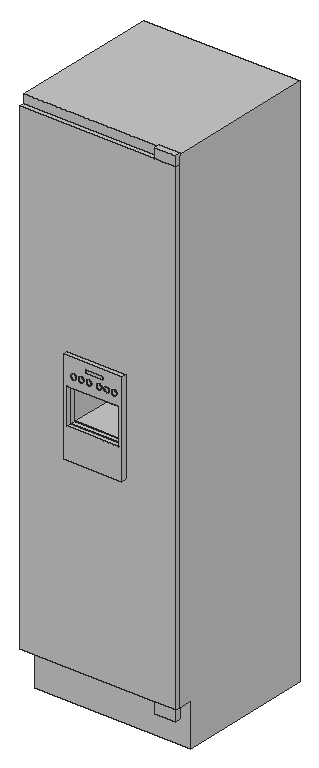
Revit family "RF463706", category Generic Models, Revit 2014
Parameters (values of type "RF463706")
  Width = 610 mm
  URL = "http://www.gaggenau.com."
  Model = "RF463706"
  Manufacturer = "Gaggenau"
  Height = 2125 mm
  Handle = Metal Panel
  Fridge = Metal Panel
  Door = Metal Panel
  Description = "Gaggenau 24\" Freezer column with IWD, right-hinged"
  Depth = 608 mm
Reference planes
  plane 1 "Center (Front/Back)": y = 0
  plane 2: z = 0
  plane 3 "Center (Left/Right)": x = 0
  plane 4: z = 2125
  plane 5: x = -305
  plane 6: x = 305
  plane 7: y = 266.012
  plane 8: y = -341.988
  plane 9: z = 181
  plane 10: z = 102
  plane 11: z = 14.093
  plane 12: z = 2131
  plane 13: z = 2091
  plane 14: y = -268.988
  plane 15: y = -321.988
  plane 16: x = 244.794
  plane 17: z = 1098.573
  plane 18: y = -360.988
Forms (mm)
  Extrusion 1, solid, material "Metal Panel" <- "Fridge"
    sketch origin (0, 0, 0) x (0, 1, 0) y (0, 0, 1)
      loop
        line (266.012, 2125) -> (-321.988, 2125) -> (-321.988, 181) -> (-268.988, 181) -> (-268.988, 14.093) -> (266.012, 14.093) -> (266.012, 2125)
    from -305 to 305
  Extrusion 2, solid, material "Metal Panel" <- "Door"
    sketch origin (0, 0, 0) x (1, 0, 0) y (0, 0, 1)
      loop
        line (-305, 181) -> (305, 181) -> (305, 2091) -> (-305, 2091) -> (-305, 181)
    from 321.988 to 341.988
  Extrusion 3, solid, material "Metal Panel" <- "Door"
    sketch origin (0, 0, -0.35) x (1, 0, 0) y (0, 0, 1)
      loop
        line (305, 2131.35) -> (225, 2131.35) -> (225, 2091.35) -> (305, 2091.35) -> (305, 2131.35)
      loop
        line (305, 181.35) -> (225, 181.35) -> (225, 141.35) -> (305, 141.35) -> (305, 181.35)
    from 321.988 to 341.988
  Extrusion 4, solid, material "Metal Panel" <- "Fridge"
    sketch origin (0, 0, 0) x (1, 0, 0) y (0, 1, 0)
      loop
        circle (-273.403, -159.898) r 11.868
      loop
        circle (-273.403, 159.898) r 11.868
      loop
        circle (273.403, -159.898) r 11.868
      loop
        circle (273.403, 159.898) r 11.868
    from 0 to 14.093
  Extrusion 5, void
    sketch origin (0, 0, 0) x (1, 0, 0) y (0, 0, 1)
      loop
        line (-105, 1185) -> (-105, 1043.376) -> (97.242, 1043.376) -> (97.242, 1185) -> (-105, 1185)
    from 360.988 to 165.127
  Extrusion 6, solid, material "Metal Panel" <- "Door"
    sketch origin (0, 0, 0) x (1, 0, 0) y (0, 0, 1)
      loop
        line (-120, 1292.438) -> (-120, 924.938) -> (111.18, 924.938) -> (111.18, 1292.438) -> (-120, 1292.438)
      loop
        line (-32.243, 1266.361) -> (-32.243, 1256.361) -> (32.757, 1256.361) -> (32.757, 1266.361) -> (-32.243, 1266.361)
      loop
        circle (-79.737, 1225.885) r 10
      loop
        circle (-49.737, 1225.885) r 10
      loop
        circle (-19.737, 1225.885) r 10
      loop
        circle (79.737, 1225.885) r 10
      loop
        circle (49.737, 1225.885) r 10
      loop
        circle (19.737, 1225.885) r 10
    from 360.988 to 341.988
  Extrusion 7, solid, material "Metal Panel" <- "Door"
    sketch origin (0, 0, 0) x (1, 0, 0) y (0, 0, 1)
      loop
        line (32.757, 1256.361) -> (32.757, 1266.361) -> (-32.243, 1266.361) -> (-32.243, 1256.361) -> (32.757, 1256.361)
      loop
        circle (-79.737, 1225.885) r 10
      loop
        circle (-49.737, 1225.885) r 10
      loop
        circle (-19.737, 1225.885) r 10
      loop
        circle (19.737, 1225.885) r 10
      loop
        circle (49.737, 1225.885) r 10
      loop
        circle (79.737, 1225.885) r 10
    from 360.988 to 341.988
Cuts and joins
  Extrusion 5 cuts Extrusion 1
  Extrusion 5 cuts Extrusion 2
  Extrusion 5 cuts Extrusion 6
Dimensions and locks
  "Width": plane 5 to plane 6
  plane 7 to plane 8 = 608 mm  (x2)
  plane 4 to plane 2 = 2125 mm
  plane 9 to plane 2 = 181 mm
  plane 10 to plane 2 = 102 mm
  plane 12 to plane 13 = 40 mm
  plane 14 to plane 8 = 73 mm
  plane 6 to plane 16 = 60.206 mm
  equal spacing: plane 5, plane 3 "Center (Left/Right)", plane 6
  plane 12 to plane 10 = 2029 mm
  Extrusion 6 sketch curve to Extrusion 6 sketch curve = 367.5 mm
  cut or joined group of Extrusion 2, Extrusion 5 to Extrusion 6 = 19 mm
  cut or joined group of Extrusion 5, Extrusion 6 to cut or joined group of Extrusion 5, Extrusion 6 = 231.18 mm
  aligned and locked: level to plane 2
  aligned and locked: plane 5 to Extrusion 1
  aligned and locked: plane 6 to Extrusion 1
  aligned and locked: Extrusion 2 to plane 8
  aligned and locked: Extrusion 2 to Extrusion 1
  aligned and locked: Extrusion 3 to plane 8
  aligned and locked: Extrusion 3 to Extrusion 1
  aligned and locked: plane 13 to Extrusion 2 sketch curve
  aligned and locked: plane 6 to Extrusion 2 sketch curve
  aligned and locked: plane 5 to Extrusion 2 sketch curve
Automatic sketch dimensions
  Extrusion 1 sketch curve to plane 4 = 0 mm
  Extrusion 1 sketch curve to plane 15 = 0 mm
  Extrusion 1 sketch curve to plane 9 = 0 mm
  Extrusion 1 sketch curve to plane 14 = 0 mm
  Extrusion 1 sketch curve to plane 7 = 0 mm
  Extrusion 1 sketch curve to plane 11 = 0 mm
  Extrusion 4 sketch curve to plane 5 = 31.597 mm  (x2)
  plane 16 to Extrusion 4 sketch curve = 28.608 mm  (x2)
  Extrusion 4 sketch curve to plane 14 = 109.089 mm  (x2)
  Extrusion 4 sketch curve to plane 7 = 106.114 mm  (x2)
  plane 10 to Extrusion 2 sketch curve = 79 mm
  Extrusion 3 sketch curve to plane 16 = 19.794 mm  (x2)
  Extrusion 3 sketch curve to plane 12 = 0 mm
  Extrusion 3 sketch curve to plane 6 = 0 mm  (x2)
  Extrusion 3 sketch curve to plane 9 = 0 mm
  Extrusion 3 sketch curve to plane 13 = 0 mm
  Extrusion 3 sketch curve to plane 9 = 40 mm
  Extrusion 5 sketch curve to plane 3 "Center (Left/Right)" = 105 mm
  Extrusion 5 sketch curve to plane 16 = 147.553 mm
  plane 9 to Extrusion 5 sketch curve = 862.376 mm
  Extrusion 5 sketch curve to Extrusion 5 sketch curve = 141.624 mm
  Extrusion 6 sketch curve to plane 3 "Center (Left/Right)" = 120 mm
  Extrusion 6 sketch curve to Extrusion 6 sketch curve = 40.263 mm
  Extrusion 6 sketch curve to Extrusion 6 sketch curve = 30 mm  (x3)
  Extrusion 6 sketch curve to plane 3 "Center (Left/Right)" = 32.243 mm
  Extrusion 6 sketch curve to plane 3 "Center (Left/Right)" = 19.737 mm
  plane 3 "Center (Left/Right)" to Extrusion 6 sketch curve = 19.737 mm
  plane 3 "Center (Left/Right)" to Extrusion 6 sketch curve = 32.757 mm
  plane 3 "Center (Left/Right)" to Extrusion 6 sketch curve = 111.18 mm
  Extrusion 6 sketch curve to plane 17 = 173.635 mm
  Extrusion 6 sketch curve to Extrusion 6 sketch curve = 66.553 mm
  Extrusion 6 sketch curve to Extrusion 6 sketch curve = 0 mm  (x5)
  Extrusion 6 sketch curve to Extrusion 6 sketch curve = 30.476 mm
  Extrusion 6 sketch curve to Extrusion 6 sketch curve = 10 mm
  Extrusion 7 sketch curve to plane 3 "Center (Left/Right)" = 32.243 mm
  plane 3 "Center (Left/Right)" to Extrusion 7 sketch curve = 32.757 mm
  plane 17 to Extrusion 7 sketch curve = 157.788 mm
  Extrusion 7 sketch curve to Extrusion 7 sketch curve = 10 mm  (x6)
  Extrusion 7 sketch curve to Extrusion 7 sketch curve = 47.494 mm
  Extrusion 7 sketch curve to Extrusion 7 sketch curve = 30.476 mm
  Extrusion 7 sketch curve to Extrusion 7 sketch curve = 20 mm  (x3)
  Extrusion 7 sketch curve to Extrusion 7 sketch curve = 0 mm  (x7)
  Extrusion 7 sketch curve to plane 3 "Center (Left/Right)" = 19.737 mm
  plane 3 "Center (Left/Right)" to Extrusion 7 sketch curve = 19.737 mm
  plane 3 "Center (Left/Right)" to Extrusion 7 sketch curve = 9.737 mm
  radius of Extrusion 4 sketch curve = 11.868 mm  (x4)
  radius of Extrusion 6 sketch curve = 10 mm  (x6)
